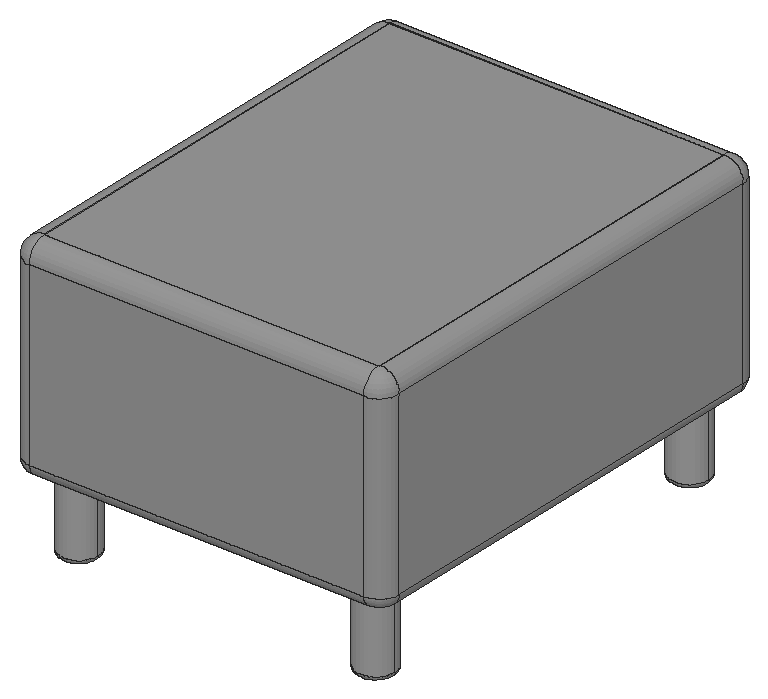
Revit family "7000B Single Bench - Kids", category Generic Models, Revit 2018
Family settings
  Can host rebar = No
  Round Connector Dimension = Use Diameter
  Part Type = Normal
  Work Plane-Based = No
  Always vertical = Yes
  Cut with Voids When Loaded = No
  Shared = No
  Room Calculation Point = No
Parameters
  Fabric = 7000B Fabric
Reference planes (in)
  plane 1 "Center (Front/Back)": y = 0
  plane 2: z = 0
  plane 3 "Center (Left/Right)": x = 0
Forms (in)
  Extrusion 1, solid, material "7000B Fabric" <- "Fabric"
    sketch origin (0, 0, 0) x (1, 0, 0) y (0, 1, 0)
      loop
        arc (-8.72909, 11.25066) -> (-8.74388, 11.24454) -> (-8.75, 11.22975) r 0.02091
        line (-8.75, 11.22975) -> (-8.75, -11.22975)
        arc (-8.75, -11.22975) -> (-8.74426, -11.2436) -> (-8.73041, -11.24934) r 0.01959
        line (-8.73041, -11.24934) -> (8.73041, -11.24934)
        arc (8.73041, -11.24934) -> (8.74426, -11.2436) -> (8.75, -11.22975) r 0.01959
        line (8.75, -11.22975) -> (8.75, 11.22975)
        arc (8.75, 11.22975) -> (8.74388, 11.24454) -> (8.72909, 11.25066) r 0.02091
        line (8.72909, 11.25066) -> (-8.72909, 11.25066)
    from 4 to 15
  Sweep 2, solid, material "7000B Fabric" <- "Fabric"
    path origin (0, 0, 0) x (1, 0, 0) y (0, 1, 0)
      loop
        line (8.72909, 11.25066) -> (-8.72909, 11.25066)
        arc (-8.72909, 11.25066) -> (-8.74388, 11.24454) -> (-8.75, 11.22975) r 0.02091
        line (-8.75, 11.22975) -> (-8.75, -11.22975)
        arc (-8.75, -11.22975) -> (-8.74426, -11.2436) -> (-8.73041, -11.24934) r 0.01959
        line (-8.73041, -11.24934) -> (8.73041, -11.24934)
        arc (8.73041, -11.24934) -> (8.74426, -11.2436) -> (8.75, -11.22975) r 0.01959
        line (8.75, -11.22975) -> (8.75, 11.22975)
        arc (8.75, 11.22975) -> (8.74388, 11.24454) -> (8.72909, 11.25066) r 0.02091
    profile origin (0, 11.25066, 0) x (0, -1, 0) y (0, 0, 1)
      loop
        arc (0, 15) -> (-0.70711, 14.70711) -> (-1, 14) r 1
        line (-1, 14) -> (-1, 4.61745)
        arc (-1, 4.61745) -> (-0.85933, 4.22019) -> (-0.5, 4) r 0.63124
        line (-0.5, 4) -> (0, 4) -> (0, 15)
  Revolve 3, solid, material "7000C Frame"
    sketch origin (0, -10.24934, 0) x (1, 0, 0) y (0, 0, 1)
      loop
        line (-7.75, 4) -> (-7.75, 0) -> (-6.95, 0)
        arc (-6.95, 0) -> (-6.80858, 0.05858) -> (-6.75, 0.2) r 0.2
        line (-6.75, 0.2) -> (-6.75, 4) -> (-7.75, 4)
      axis (-7.75, 4) -> (-7.75, 0)
    angle from 0 to 360
  Revolve 4, solid, material "7000C Frame"
    sketch origin (0, -10.24934, 0) x (-1, 0, 0) y (0, 0, -1)
      loop
        line (-7.75, -4) -> (-6.75, -4) -> (-6.75, -0.2)
        arc (-6.75, -0.2) -> (-6.80858, -0.05858) -> (-6.95, 0) r 0.2
        line (-6.95, 0) -> (-7.75, 0) -> (-7.75, -4)
      axis (-7.75, -4) -> (-7.75, 0)
    angle from 0 to 360
  Revolve 5, solid, material "7000C Frame"
    sketch origin (0, 10.24934, 0) x (1, 0, 0) y (0, 0, -1)
      loop
        line (-7.75, -4) -> (-6.75, -4) -> (-6.75, -0.2)
        arc (-6.75, -0.2) -> (-6.80858, -0.05858) -> (-6.95, 0) r 0.2
        line (-6.95, 0) -> (-7.75, 0) -> (-7.75, -4)
      axis (-7.75, -4) -> (-7.75, 0)
    angle from 0 to 360
  Revolve 6, solid, material "7000C Frame"
    sketch origin (0, 10.24934, 0) x (-1, 0, 0) y (0, 0, 1)
      loop
        line (-7.75, 4) -> (-7.75, 0) -> (-6.95, 0)
        arc (-6.95, 0) -> (-6.80858, 0.05858) -> (-6.75, 0.2) r 0.2
        line (-6.75, 0.2) -> (-6.75, 4) -> (-7.75, 4)
      axis (-7.75, 4) -> (-7.75, 0)
    angle from 0 to 360
Dimensions and locks (in)
  aligned and locked: plane 2 to level
